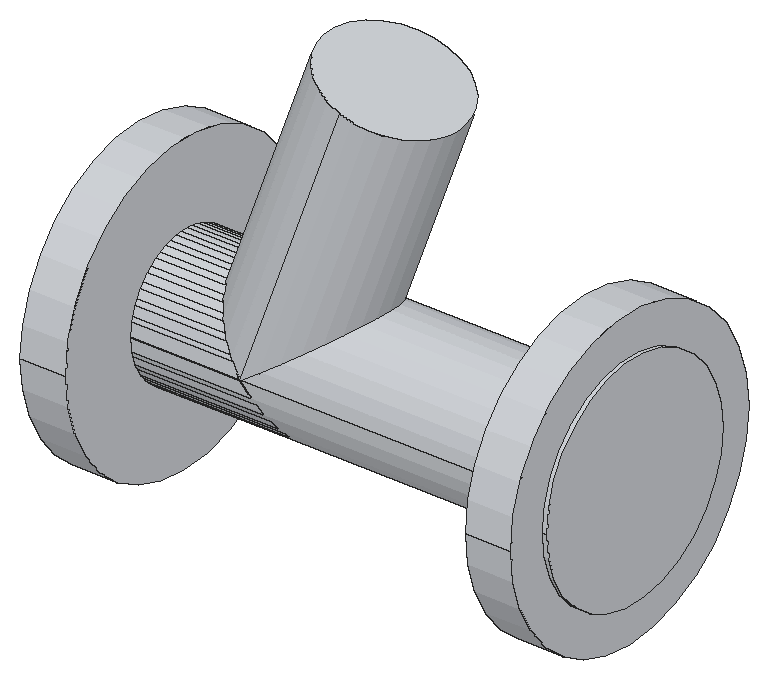
Revit family "447-DN150-RFA_2019", category Pipe Accessories, Revit 2019
Family settings
  Round Connector Dimension = Use Diameter
  Part Type = Valve - Breaks Into
  Work Plane-Based = No
  Always vertical = Yes
  Cut with Voids When Loaded = No
  Shared = No
Parameters (values of type "447-DN150")
  magiProductId = "7f7b5672e2b748ca8839732ddacd1d"
  magiProductFamilyId = "b72cb932c1b3471491e3d369876ba1"
  magiPartTypeId = 304
  isMeasuringValve [instance] = no
  ang2D [instance] = 0.00°
  X2 = 95.64 mm
  X1 = 67.2 mm
  W2D = 100 mm
  VersionID = "2.0/2017.9.26.1/ZETKAMA_447_001"
  Use Minimum Symbol Size [instance] = yes
  URL = "http://www.hydronix.cz"
  Type Comments = "přírubový; PN16; -10~+120°C"
  S = 211 mm
  QmdConnectorList = "301;D;302;D"
  Productdata [instance] = ""
  Manufacturer = "Hydronix"
  MC Product Code = "447 150 (DN150; PN16 kvs390,2)"
  MC Piping Given Pressure Drop [instance] = 0.0 Pa
  LM1 = 38.4 mm
  LM = 384 mm
  L2D_Min = 3048 mm
  L2D = 350 mm
  L2 = 240 mm
  HH1 = 262.769 mm
  FD = 285 mm
  Description = "Ruční vyvažovací ventil přírubový; DN150; PN16; kvs390,2"
  DT = 130 mm
  D = 150 mm
  CC = 4.8 mm
  CAT0 = yes
  C1 = 43.2 mm
  C = 48 mm
Types (10, lengths in mm): name | magiProductId | X2 | X1 | S | MC Product Code | LM1 | LM | L2 | HH1 | FD | Description | DT | D | CC | C1 | C
  447-DN100 | "98b46d48787042dd9a812fc0797c69" | 79.261 | 49 | 156 | "447 100 (DN100; PN16 kvs184,7)" | 28 | 280 | 175 | 217.769 | 220 | "Ruční vyvažovací ventil přírubový; DN100; PN16; kvs184,7" | 130 | 100 | 3.5 | 31.5 | 35
  447-DN125 | "02b47ccb17f74d08923d86f3fe118e" | 86.541 | 56 | 184 | "447 125 (DN125; PN16 kvs285,1)" | 32 | 320 | 200 | 237.769 | 250 | "Ruční vyvažovací ventil přírubový; DN125; PN16; kvs285,1" | 130 | 125 | 4 | 36 | 40
  447-DN150 | "7f7b5672e2b748ca8839732ddacd1d" | 95.64 | 67.2 | 211 | "447 150 (DN150; PN16 kvs390,2)" | 38.4 | 384 | 240 | 262.769 | 285 | "Ruční vyvažovací ventil přírubový; DN150; PN16; kvs390,2" | 130 | 150 | 4.8 | 43.2 | 48
  447-DN200 | "e1019e6fc9b647ceac6d31797e2f53" | 155.411 | 84 | 266 | "447 200 (DN200; PN16 kvs710)" | 48 | 480 | 300 | 426.987 | 340 | "Ruční vyvažovací ventil přírubový; DN200; PN16; kvs710" | 310 | 200 | 6 | 54 | 60
  447-DN250 | "a0eac83e29f84220b7ba68901aa49e" | 171.789 | 102.2 | 319 | "447 250 (DN250; PN16 kvs1188)" | 58.4 | 584 | 365 | 471.987 | 405 | "Ruční vyvažovací ventil přírubový; DN250; PN16; kvs1188" | 310 | 250 | 7.3 | 65.7 | 73
  447-DN300 | "476300b2e87f4f20bd49d272c44436" | 175.429 | 119 | 370 | "447 300 (DN300; PN16 kvs1504)" | 68 | 680 | 425 | 481.987 | 460 | "Ruční vyvažovací ventil přírubový; DN300; PN16; kvs1504" | 310 | 300 | 8.5 | 76.5 | 85
  447-DN040 | "1b02107dafeb4f5588628c478854c2" | 42.71 | 28 | 84 | "447 040 (DN40; PN16 kvs22,36)" | 16 | 160 | 100 | 117.345 | 150 | "Ruční vyvažovací ventil přírubový; DN40; PN16; kvs22,36" | 74 | 40 | 2 | 18 | 20
  447-DN050 | "5ed7087ff739473a8b86e2dbbe5062" | 42.71 | 32.2 | 99 | "447 050 (DN50; PN16 kvs32,15)" | 18.4 | 184 | 115 | 117.345 | 165 | "Ruční vyvažovací ventil přírubový; DN50; PN16; kvs32,15" | 74 | 50 | 2.3 | 20.7 | 23
  447-DN065 | "bd77367604f142d88050bf73c88c7b" | 71.982 | 40.6 | 118 | "447 065 (DN65; PN16 kvs88,8)" | 23.2 | 232 | 145 | 197.769 | 185 | "Ruční vyvažovací ventil přírubový; DN65; PN16; kvs88,8" | 130 | 65 | 2.9 | 26.1 | 29
  447-DN080 | "7399fcf493614c92ad9035a8ac3adf" | 71.982 | 43.4 | 132 | "447 080 (DN80; PN16 kvs113,4)" | 24.8 | 248 | 155 | 197.769 | 200 | "Ruční vyvažovací ventil přírubový; DN80; PN16; kvs113,4" | 130 | 80 | 3.1 | 27.9 | 31
Reference planes
  plane 1 "Center (Front/Back)": y = 0
  plane 2 "XYPLANE": z = 0
  plane 3 "Center (Left/Right)": x = 0
  plane 4 "110": x = 9.24
  plane 5 "109": z = 262.769
  plane 6 "108": x = -86.4
  plane 7 "107": x = 235.2
  plane 8 "106": x = -235.2
  plane 9 "105": z = 0
  plane 10 "104": y = 0
  plane 11 "103": x = -240
  plane 12 "102": x = 240
  plane 13 "100": x = -192
  plane 14 "99": x = 192
  plane 15 "98": x = -153.6
Forms (mm)
  Extrusion 1, solid, visible <- "CAT0"
    sketch origin (-192, -750, 0) x (0, 1, 0) y (0, 0, 1)
      loop
        circle (750, 0) r 65
    from 0 to 384 <- "LM"
  Sweep 2, solid, visible <- "CAT0"
    path origin (750, 0, 0) x (-1, 0, 0) y (0, 0, 1)
      loop
        line (942, 0) -> (836.4, 0) -> (740.76, 262.769)
    profile origin (-192, 0, 0) x (0, 0, -1) y (0, 1, 0)
      loop
        circle (0, 0) r 65
  Extrusion 3, solid
    sketch origin (235.2, -750, 0) x (0, 1, 0) y (0, 0, 1)
      loop
        circle (750, 0) r 105.5
    from 0 to 4.8 <- "CC"
  Extrusion 4, solid
    sketch origin (192, -750, 0) x (0, 1, 0) y (0, 0, 1)
      loop
        circle (750, 0) r 142.5
    from 0 to 43.2 <- "C1"
  Extrusion 5, solid
    sketch origin (-235.2, -750, 0) x (0, 1, 0) y (0, 0, 1)
      loop
        circle (750, 0) r 142.5
    from 0 to 43.2 <- "C1"
  Extrusion 6, solid
    sketch origin (-240, -750, 0) x (0, 1, 0) y (0, 0, 1)
      loop
        circle (750, 0) r 105.5
    from 0 to 4.8 <- "CC"
  Extrusion 7, solid, not visible
    sketch origin (-240, -750, 0) x (0, 1, 0) y (0, 0, 1)
      loop
        circle (750, 0) r 10
    from 0 to 10
  Extrusion 8, solid, not visible
    sketch origin (240, -750, 0) x (0, 1, 0) y (0, 0, 1)
      loop
        circle (750, 0) r 10
    from 0 to -10
Lines and regions (mm)
  reference lines, not visible
    curve 1: circle (2, 2, 0) r 1 normal (0, 0, 1)
Dimensions and locks
  plane 1 "Center (Front/Back)" to curve 1 = 2 mm
  "X2": plane 6 "108" to plane 4 "110"
  "HH1": plane 2 "XYPLANE" to plane 5 "109"
  "X1": plane 15 "98" to plane 6 "108"
  "C1": plane 14 "99" to plane 7 "107"
  "CC": plane 11 "103" to plane 8 "106"
  locked: plane 2 "XYPLANE" to plane 9 "105"
  locked: plane 1 "Center (Front/Back)" to plane 10 "104"
  "L2": plane 3 "Center (Left/Right)" to plane 11 "103"
  "L2": plane 3 "Center (Left/Right)" to plane 12 "102"
  "C": plane 11 "103" to plane 13 "100"
  "LM": plane 13 "100" to plane 14 "99"
  "LM1": plane 13 "100" to plane 15 "98"
  Sweep 2 sketch curve to Sweep 2 sketch curve = 0 mm  (x2)
  "DT": diameter of Extrusion 1 sketch curve
  "DT": diameter of Sweep 2 sketch curve
  "S": diameter of Extrusion 3 sketch curve
  "FD": diameter of Extrusion 4 sketch curve
  "FD": diameter of Extrusion 5 sketch curve
  "S": diameter of Extrusion 6 sketch curve
  aligned and locked: level to plane 2 "XYPLANE"
  aligned and locked: plane 9 "105" to Extrusion 1 sketch curve
  aligned and locked: Extrusion 1 sketch curve to plane 10 "104"
  aligned and locked: plane 9 "105" to Sweep 2 sketch curve  (x3)
  aligned and locked: Sweep 2 sketch curve to plane 10 "104"
  aligned and locked: plane 13 "100" to Sweep 2 sketch curve
  aligned and locked: plane 6 "108" to Sweep 2 sketch curve
  aligned and locked: plane 4 "110" to Sweep 2 sketch curve
  aligned and locked: plane 5 "109" to Sweep 2 sketch curve
  aligned and locked: plane 9 "105" to Extrusion 3 sketch curve
  aligned and locked: Extrusion 3 sketch curve to plane 10 "104"
  aligned and locked: plane 9 "105" to Extrusion 4 sketch curve
  aligned and locked: Extrusion 4 sketch curve to plane 10 "104"
  aligned and locked: plane 9 "105" to Extrusion 5 sketch curve
  aligned and locked: Extrusion 5 sketch curve to plane 10 "104"
  aligned and locked: plane 9 "105" to Extrusion 6 sketch curve
  aligned and locked: Extrusion 6 sketch curve to plane 10 "104"
  aligned and locked: plane 9 "105" to Extrusion 7 sketch curve
  aligned and locked: Extrusion 7 sketch curve to plane 10 "104"
  aligned and locked: plane 9 "105" to Extrusion 8 sketch curve
  aligned and locked: Extrusion 8 sketch curve to plane 10 "104"
Automatic sketch dimensions
  plane 1 "Center (Front/Back)" to Extrusion 7 sketch curve = 10 mm
  plane 1 "Center (Front/Back)" to Extrusion 8 sketch curve = 10 mm
  plane 3 "Center (Left/Right)" to curve 1 = 2 mm
  radius of curve 1 = 1 mm
Connectors
  piping at (-240, 0, 0), diameter 150, driven by "D"
    settings: on Extrusion 7, index 1, connector inside diameter 609.6 mm, connector length 0 mm, flow factor 0, pipe flow 0.0 L/s, pressure drop 0.0 Pa, fitting loss kfactor 0, connector angle 0.00°, fixture units 0, engagement length 0 mm, angle of deflection 0.00°, flow configuration 0, flow direction 0, fitting loss method 0, system type 29, joint type 0, gender type 0, connector reference index 2, connector utility 0, adjustable connector no, is connector primary yes, connector description ""
  piping at (240, 0, 0), diameter 150, driven by "D"
    settings: on Extrusion 8, index 2, connector inside diameter 609.6 mm, connector length 0 mm, flow factor 0, pipe flow 0.0 L/s, pressure drop 0.0 Pa, fitting loss kfactor 0, connector angle 0.00°, fixture units 0, engagement length 0 mm, angle of deflection 0.00°, flow configuration 0, flow direction 0, fitting loss method 0, system type 29, joint type 0, gender type 0, connector reference index 1, connector utility 0, adjustable connector no, is connector primary no, connector description ""
